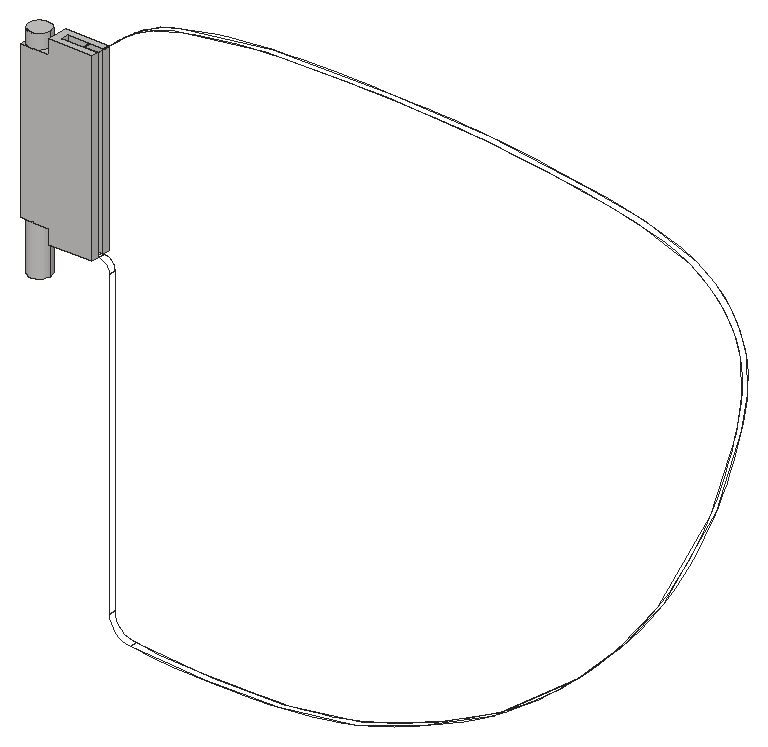
Revit family "CAME_Створка_WING40", category Специальное оборудование, Revit 2019
Family settings
  Размер круглого соединителя = Использовать диаметр
  Тип детали = Нормальный
  На основе рабочей плоскости = Нет
  Всегда вертикально = Да
  При загрузке вырезать с полостями = Нет
  Общий = Да
  Точка расчета площади = Нет
Parameters (values of type "900 оргстекло")
  Описание = "Створка Wing 900 мм из 10 мм органического стекла, с комплектом крепления створки."
  Материал створки = CAME_Стекло_Органическое
  Изготовитель = "CAME"  # constant formula
  Группа модели = "Турникеты"  # constant formula
  Watermark [instance] = "Модели защищены уникальным кодом"
  URL = "https://camerussia.com"
  BL_Разработано = "support@bimlib.pro"  # constant formula
  BL_Email = "cru.info@came.com"  # constant formula
  BL_BIM library = "https://bimlib.pro/manufacturer/came/cf0b6efe-31e5-4ffa-b7ea-1d6fa84041d4/?tab=products"
  ADSK_Размер_Диаметр = 174 mm  # constant formula
  ADSK_Размер_Высота = 986 mm  # constant formula
  ADSK_Обозначение = "ТУ 26.30.50-001-89603926-2021"  # constant formula
  ADSK_Наименование краткое = "Створка 900 мм WING 40 из оргстекла"
  ADSK_Наименование = "Створка 900 мм из органического стекла для WING 40"
  ADSK_Масса_Текст = "12.15"
  ADSK_Масса = 12.15
  ADSK_Марка = "АРТ:001PSWL90"
  ADSK_Количество = 1  # constant formula
  ADSK_Код изделия = "Код КСР 26.30.50.119.61.2.07.09"  # constant formula
  ADSK_Завод-изготовитель = "CAME"  # constant formula
  ADSK_Единица измерения = "шт."  # constant formula
  ADSK_Группирование = "WING"  # constant formula
  ADSK_Версия семейства = "1.0"  # constant formula
  ADSK_Версия Revit = "2019"  # constant formula
  ADSK_URL страницы изделия = "https://camerussia.com/product/001pswl90/"
  ADSK_URL документации изделия = "https://camerussia.com/uploads/support/instructions/files/119G3565RU.pdf"
  900 = yes
  600 = no
Types (4, lengths in mm): name | Описание | Материал створки | ADSK_Наименование краткое | ADSK_Наименование | ADSK_Масса_Текст | ADSK_Масса | ADSK_Марка | ADSK_URL страницы изделия | 900 | 600
  600 оргстекло | "Створка Wing 600 мм из поликарбоната, с комплектом крепления створки." | CAME_Стекло_Органическое | "Створка 600 мм WING 40 из оргстекла" | "Створка 600 мм из органического стекла для WING 40" | "9" | 9 | "АРТ:001PSWL60" | "https://camerussia.com/product/001pswl60/" | no | yes
  600 закаленное стекло | "Створка Wing 600 мм из 10 мм закаленного стекла, с комплектом крепления створки." | CAME_Стекло_Закаленное | "Створка 600 мм WING 40 из зак. стекла" | "Створка 600 мм из закаленного стекла для WING 40" | "15" | 15 | "АРТ:001PSWL60C" | "https://camerussia.com/product/001pswl60c/" | no | yes
  900 закаленное стекло | "Створка Wing 900 мм из 10 мм закаленного стекла, с комплектом крепления створки." | CAME_Стекло_Закаленное | "Створка 900 мм WING 40 из зак. стекла" | "Створка 900 мм из закаленного стекла для WING 40" | "20" | 20 | "АРТ:001PSWL90C" | "https://camerussia.com/product/001pswl90c/" | yes | no
  900 оргстекло | "Створка Wing 900 мм из 10 мм органического стекла, с комплектом крепления створки." | CAME_Стекло_Органическое | "Створка 900 мм WING 40 из оргстекла" | "Створка 900 мм из органического стекла для WING 40" | "12.15" | 12.15 | "АРТ:001PSWL90" | "https://camerussia.com/product/001pswl90/" | yes | no
Reference planes
  plane 1 "По центру (Вперед/Назад)": y = 0
  plane 2: z = 0
  plane 3 "По центру (Влево/Вправо)": x = 0
  plane 4: x = -87
  plane 5: x = 87
  plane 6: x = 687
  plane 7: x = 987
  plane 8: z = 986
  plane 9: z = 900
  plane 10: z = 166
Forms (mm)
  Extrusion 1, solid, material "CAME_Стекло_Органическое" <- "Материал створки", visible <- "600", detail levels fine
    sketch origin (0, 0, 0) x (1, 0, 0) y (0, 0, 1)
      loop
        arc (101.987, 195.986) -> (110.772, 174.778) -> (131.98, 165.994) r 29.992
        spline (131.98, 165.994) -> (296.408, 189.168) -> (407.384, 236.899) -> (510.473, 309.997) -> (593.972, 410.156) -> (654.877, 532.13) -> (683.865, 650.103) -> (685.249, 772.856) -> (659.386, 887.572) -> (571.867, 958.503) -> (437.212, 985.133) -> (312.423, 985.724) -> (126.5, 939.5)
        line (126.5, 939.5) -> (87, 900) -> (67.5, 900)
        arc (67.5, 900) -> (63.964, 898.536) -> (62.5, 895) r 5
        line (62.5, 895) -> (62.5, 663)
        arc (62.5, 663) -> (68.358, 648.858) -> (82.5, 643) r 20
        line (82.5, 643) -> (86.807, 643)
        arc (86.807, 643) -> (97.53, 638.675) -> (101.987, 628.007) r 14.994
        line (101.987, 628.007) -> (101.987, 195.986)
    from -5 to 5
  Extrusion 2, solid, material "CAME_Стекло_Органическое" <- "Материал створки", visible <- "900", detail levels fine
    sketch origin (0, 0, 0) x (1, 0, 0) y (0, 0, 1)
      loop
        arc (101.987, 202.423) -> (110.71, 181.278) -> (131.803, 172.431) r 29.992
        spline (131.803, 172.431) -> (351.163, 169.162) -> (526.678, 210.779) -> (667.806, 281.245) -> (807.826, 403.073) -> (916.125, 562.226) -> (974.321, 720.789) -> (973.22, 864.267) -> (830.534, 952.928) -> (654.514, 978.05) -> (490.09, 985.365) -> (284.785, 979.317) -> (87, 900)
        line (87, 900) -> (67.5, 900)
        arc (67.5, 900) -> (63.964, 898.536) -> (62.5, 895) r 5
        line (62.5, 895) -> (62.5, 663)
        arc (62.5, 663) -> (68.358, 648.858) -> (82.5, 643) r 20
        line (82.5, 643) -> (86.807, 643)
        arc (86.807, 643) -> (97.53, 638.675) -> (101.987, 628.007) r 14.994
        line (101.987, 628.007) -> (101.987, 202.423)
    from -5 to 5
  Extrusion 3, void
    sketch origin (0, 0, 0) x (1, 0, 0) y (0, 1, 0)
      loop
        circle (0, 0) r 87
    from 0 to 986
  Extrusion 4, solid, material "CAME_Стекло_Органическое" <- "Материал створки", visible <- "600", detail levels medium
    sketch origin (0, 0, 0) x (1, 0, 0) y (0, 0, 1)
      loop
        spline (131.98, 165.994) -> (296.408, 189.168) -> (407.384, 236.899) -> (510.473, 309.997) -> (593.972, 410.156) -> (654.877, 532.13) -> (683.865, 650.103) -> (685.249, 772.856) -> (659.386, 887.572) -> (571.867, 958.503) -> (437.212, 985.133) -> (312.423, 985.724) -> (126.5, 939.5)
        line (126.5, 939.5) -> (0, 813) -> (0, 165.994) -> (131.98, 165.994)
    from -5 to 5
  Extrusion 5, solid, material "CAME_Стекло_Органическое" <- "Материал створки", visible <- "900", detail levels medium
    sketch origin (0, 0, 0) x (1, 0, 0) y (0, 0, 1)
      loop
        spline (131.803, 172.431) -> (351.163, 169.162) -> (526.678, 210.779) -> (667.806, 281.245) -> (807.826, 403.073) -> (916.125, 562.226) -> (974.321, 720.789) -> (973.22, 864.267) -> (830.534, 952.928) -> (654.514, 978.05) -> (490.09, 985.365) -> (284.785, 979.317) -> (87, 900)
        line (87, 900) -> (0, 813) -> (0, 193.307) -> (131.803, 172.431)
    from -5 to 5
Cuts and joins
  Extrusion 3 cuts Extrusion 4
  Extrusion 3 cuts Extrusion 5
Dimensions and locks
  equal spacing: plane 4, plane 3 "По центру (Влево/Вправо)", plane 5
  "ADSK_Размер_Диаметр": plane 4 to plane 5
  locked: plane 5 to plane 6 at 600
  locked: plane 5 to plane 7 at 900
  "ADSK_Размер_Высота": plane 8 to plane 2
  locked: plane 8 to plane 10 at 820
  locked: plane 8 to plane 9 at 86
  "ADSK_Размер_Диаметр": diameter of Extrusion 3 sketch curve
  aligned and locked: level to plane 2
  aligned and locked: plane 3 "По центру (Влево/Вправо)" to nested 1
  aligned and locked: plane 1 "По центру (Вперед/Назад)" to nested 1
  aligned and locked: plane 8 to nested 1
  aligned and locked: plane 1 "По центру (Вперед/Назад)" to Extrusion 3 sketch curve
  aligned and locked: plane 3 "По центру (Влево/Вправо)" to Extrusion 3 sketch curve
  aligned and locked: Extrusion 3 to nested 1
  aligned and locked: Extrusion 3 to level
  aligned and locked: Extrusion 4 sketch curve to plane 3 "По центру (Влево/Вправо)"
  aligned and locked: Extrusion 4 sketch curve to Extrusion 1
  aligned and locked: Extrusion 5 sketch curve to plane 3 "По центру (Влево/Вправо)"
Automatic sketch dimensions
  Extrusion 1 sketch curve to plane 9 = 0 mm
  Extrusion 1 sketch curve to plane 5 = 0 mm
  Extrusion 1 sketch curve to plane 5 = 0.007 mm
  Extrusion 1 sketch curve to plane 5 = 0.193 mm
  Extrusion 1 sketch curve to Extrusion 1 sketch curve = 4.307 mm
  Extrusion 1 sketch curve to plane 9 = 5 mm
  Extrusion 1 sketch curve to plane 5 = 19.5 mm
  plane 5 to Extrusion 1 sketch curve = 14.987 mm
  plane 5 to Extrusion 1 sketch curve = 39.5 mm
  plane 10 to Extrusion 1 sketch curve = 0.006 mm
  Extrusion 1 sketch curve to Extrusion 1 sketch curve = 29.992 mm
  Extrusion 1 sketch curve to Extrusion 1 sketch curve = 266.993 mm
  plane 9 to Extrusion 1 sketch curve = 39.5 mm
  Extrusion 2 sketch curve to plane 9 = 0 mm
  Extrusion 2 sketch curve to plane 5 = 0 mm
  Extrusion 2 sketch curve to plane 5 = 0.007 mm
  Extrusion 2 sketch curve to plane 5 = 0.193 mm
  Extrusion 2 sketch curve to plane 5 = 4.5 mm
  Extrusion 2 sketch curve to plane 9 = 5 mm
  Extrusion 2 sketch curve to plane 5 = 19.5 mm
  plane 5 to Extrusion 2 sketch curve = 14.987 mm
  Extrusion 2 sketch curve to plane 10 = 6.431 mm
  Extrusion 2 sketch curve to Extrusion 2 sketch curve = 29.815 mm
  Extrusion 2 sketch curve to Extrusion 2 sketch curve = 29.992 mm
  Extrusion 2 sketch curve to Extrusion 2 sketch curve = 266.993 mm
  plane 5 to Extrusion 4 sketch curve = 39.5 mm
  Extrusion 4 sketch curve to plane 9 = 87 mm
  plane 9 to Extrusion 4 sketch curve = 39.5 mm
  plane 5 to Extrusion 4 sketch curve = 44.98 mm
  Extrusion 5 sketch curve to plane 5 = 0 mm
  Extrusion 5 sketch curve to plane 9 = 0 mm
  Extrusion 5 sketch curve to plane 10 = 6.431 mm
  plane 5 to Extrusion 5 sketch curve = 44.803 mm
  Extrusion 5 sketch curve to plane 10 = 27.307 mm
  Extrusion 5 sketch curve to plane 9 = 87 mm
Nested families
  nested 1: "CAME_КомплектКрепления_Створки_PSWLC" at (0, 0, 643), type "PSWLC"
Definition of nested family "CAME_КомплектКрепления_Створки_PSWLC"
  Parameters (values of type "PSWLC")
    Description = "Стальной зажим с уплотнителями для крепления самостоятельно изготовленной створки из стекла 8-10 мм. *доступно изготовление и поставка заказных створок — от 5 рабочих дней."
    Manufacturer = "CAME"  # constant formula
    Model = "Турникеты"
    URL = "https://camerussia.com"
    BL_Разработано = "support@bimlib.pro"  # constant formula
    BL_Email = "cru.info@came.com"  # constant formula
    BL_BIM library = "https://bimlib.pro/manufacturer/came/cf0b6efe-31e5-4ffa-b7ea-1d6fa84041d4/?tab=products"
    ADSK_Обозначение = "ТУ 26.30.50-001-89603926-2021"  # constant formula
    ADSK_Наименование краткое = "Комплект крепления дизайн. створки WING 40"  # constant formula
    ADSK_Наименование = "Комплект крепления сторонней (дизайнерской) створки для WING 40"  # constant formula
    ADSK_Масса_Текст = "2.76"  # constant formula
    ADSK_Масса = 2.76  # constant formula
    ADSK_Марка = "АРТ: 001PSWLC"  # constant formula
    ADSK_Количество = 1  # constant formula
    ADSK_Код изделия = "Код КСР 26.30.50.119.61.2.07.09"  # constant formula
    ADSK_Завод-изготовитель = "CAME"  # constant formula
    ADSK_Единица измерения = "шт."  # constant formula
    ADSK_Группирование = "WING"  # constant formula
    ADSK_Версия семейства = "1.0"  # constant formula
    ADSK_Версия Revit = "2019"  # constant formula
    ADSK_URL страницы изделия = "https://camerussia.com/product/001pswlc/"
    ADSK_URL документации изделия = "https://camerussia.com/uploads/support/instructions/files/119G3717.pdf"
  Reference planes
    plane 1 "По центру (Вперед/Назад)": y = 0
    plane 2: z = 0
    plane 3 "По центру (Влево/Вправо)": x = 0
    plane 4: z = 257
    plane 5: z = 343
    plane 6: z = 237
    plane 7: z = 20
  Forms (mm)
    Extrusion 1, solid, detail levels fine
      sketch origin (0, 0, 0) x (1, 0, 0) y (0, 1, 0)
        loop
          line (-15, -15) -> (85, -15) -> (85, -5) -> (35, -5) -> (35, 5) -> (85, 5) -> (85, 15) -> (-15, 15) -> (-15, -15)
      from 20 to 237
    Extrusion 2, solid, detail levels fine
      sketch origin (0, 0, 0) x (1, 0, 0) y (0, 1, 0)
        loop
          circle (0, 0) r 15
      from -50 to 257
    Extrusion 3, solid, detail levels fine
      sketch origin (0, 0, 0) x (1, 0, 0) y (0, 1, 0)
        loop
          line (35, -5) -> (35, 5) -> (85, 5) -> (85, 15) -> (25, 15) -> (25, -15) -> (85, -15) -> (85, -5) -> (35, -5)
      from 0 to 257
  Cuts and joins
    joined: Extrusion 1, Extrusion 2, Extrusion 3
  Dimensions and locks
    locked: plane 4 to plane 2 at 257
    locked: plane 5 to plane 4 at 86
    locked: plane 4 to plane 6 at 20
    locked: plane 7 to plane 2 at 20
    locked: plane 3 "По центру (Влево/Вправо)" to Extrusion 3 sketch curve at 25
    aligned and locked: level to plane 2
    aligned and locked: plane 7 to Extrusion 1
    aligned and locked: Extrusion 1 to plane 6
    aligned and locked: plane 4 to Extrusion 2
    aligned and locked: Extrusion 3 sketch curve to Extrusion 1  (x6)
    aligned and locked: Extrusion 1 to Extrusion 3 sketch curve
    aligned and locked: plane 4 to Extrusion 3
    aligned and locked: Extrusion 3 to level
